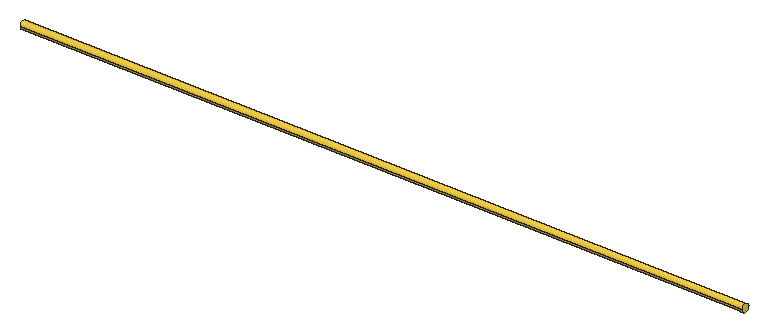
Revit family "TUBE 42-4,1_2033600", category Generic Models, Revit 2018
Family settings
  Can host rebar = No
  Round Connector Dimension = Use Diameter
  Part Type = Normal
  OmniClass Number = 35.51.14.00
  OmniClass Title = FORMWORK
  Work Plane-Based = Yes
  Always vertical = No
  Cut with Voids When Loaded = No
  Shared = Yes
  Room Calculation Point = No
Parameters
  VERSION = "20190101"  # constant formula
  URL = "www.ulmaconstruction.com/en"
  UNICLASS = ""
  ITEM_CODE = "2033600"
  Manufacturer = "ULMA CONSTRUCTION"  # constant formula
  FILTER [instance] = ""
  Default Elevation = 0.000 mm
  CLASSIFICATION_TITLE = ""
  CLASSIFICATION_NUMBER = ""
Reference planes
  plane 1 "Centro (Frontal/Posterior)": y = 0
  plane 2: z = 0
  plane 3 "Centro (Izquierda/Derecha)": x = 0
  plane 4 "ITEM_LENGTH": x = 4100
Forms (mm)
  Extrusion 1, solid, material "ULMA YELLOW"
    sketch origin (0, 0, 0) x (0, 1, 0) y (0, 0, 1)
      loop
        circle (0, 0) r 21
    from 0 to 4100
Lines and regions (mm)
  model lines, style "ULMA FIXING ITEMS", detail levels fine
    curve 1: circle (4100, 0, 0) r 19 normal (1, 0, 0)
    curve 2: circle (0, 0, 0) r 19 normal (1, 0, 0)
Dimensions and locks
  locked: plane 3 "Centro (Izquierda/Derecha)" to plane 4 "ITEM_LENGTH" at 4100
  aligned and locked: level to plane 2
  aligned and locked: plane 4 "ITEM_LENGTH" to Extrusion 1
